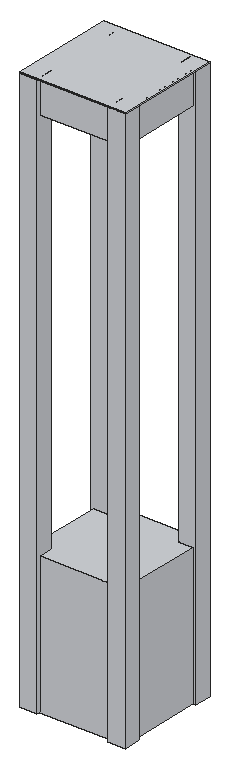
Revit family "MR_ОсветительныйПрибор_Cube", category Осветительные приборы, Revit 2020
Family settings
  Размер круглого соединителя = Использовать диаметр
  Тип детали = Нормальный
  На основе рабочей плоскости = Да
  Всегда вертикально = Да
  При загрузке вырезать с полостями = Нет
  Источник света = Да
  Общий = Да
  Точка расчета площади = Нет
Parameters (values of type "Cube_13w_1000mm_3000k")
  built-in parameter 1150104 = 13.8 (stored number, unit not read)
  built-in parameter 1150134 = (empty or 0)
  Файл фотометрической сетки = "P864423NCWW.ies"
  Tilt Angle = 90.00°
  built-in parameter 1150137 = (empty or 0)
  built-in parameter 1150132 = 2
  built-in parameter 1150114 = 1 (stored number, unit not read)
  Dimming Lamp Color Temperature Shift = (empty or 0)
  built-in parameter 1150105 = 352.07 (stored number, unit not read)
  Color Filter = 16777215
  Lumens = 1555 lm
  Самосветящий материал = Источник света по умолчанию
  built-in parameter 1150109 = 1 (stored number, unit not read)
  built-in parameter 1150112 = 1 (stored number, unit not read)
  built-in parameter 1150110 = 1 (stored number, unit not read)
  built-in parameter 1150113 = 1 (stored number, unit not read)
  built-in parameter 1150115 = 1 (stored number, unit not read)
  built-in parameter 1114218 = 1 (stored number, unit not read)
  built-in parameter 1114217 = 1 (stored number, unit not read)
  Apparent Load = ADSK_Номинальная мощность / ADSK_Коэффициент мощности  # 13.2653 VA
  Default Elevation = 1219.2 mm
  built-in parameter 1150106 = 3.5207 (stored number, unit not read)
  Description = "Cube"  # constant formula
  built-in parameter 1150133 = 10 (stored number, unit not read)
  Wattage = 10.4684 W
  built-in parameter 1150139 = (empty or 0)
  Климатическая зона = "УХЛ1"  # constant formula
  Класс Защиты = "I"  # constant formula
  built-in parameter 1150138 = (empty or 0)
  built-in parameter 1150107 = 3000 (stored number, unit not read)
  built-in parameter 1150102 = (empty or 0)
  Emit from Circle Diameter = 80 mm
  Model = "Cube"  # constant formula
  ВысотаОснования = if(ADSK_Размер_Высота = 1000 mm, 247 mm, if(ADSK_Размер_Высота = 3000 mm, 697 mm, 247 mm))  # 247 mm
  Видимая форма излучения при визуализации = yes
  IP Class = "IP65"  # constant formula
  ADSK_Этаж = ""
  ADSK_Ток = ADSK_Номинальная мощность / (ADSK_Коэффициент мощности * ADSK_Напряжение * sqrt(ADSK_Количество фаз числовое))  # 0.0576752 A
  ADSK_Размер_Высота = 1000 mm
  ADSK_Примечание = ""
  ADSK_Полная мощность = ADSK_Номинальная мощность / ADSK_Коэффициент мощности  # 13.2653 VA
  ADSK_Позиция = ""
  ADSK_Номинальная мощность = 13 W
  ADSK_Напряжение = 230 V
  ADSK_Наименование = "Cube_13w_1000mm_3000k"
  ADSK_Материал = none
  ADSK_Масса = 7.8
  ADSK_Марка = ""
  ADSK_Коэффициент мощности = 0.98
  ADSK_Количество фаз числовое = 1
  ADSK_Количество фаз = 1
  ADSK_Количество = 1  # constant formula
  ADSK_Код изделия = "P864423__WW"
  ADSK_Классификация нагрузок = Освещение
  ADSK_Завод-изготовитель = "MartiniRUS"  # constant formula
  ADSK_Единица измерения = "шт."  # constant formula
  ADSK_Группирование = "Наружное освещение_светильник"
  ADSK_URL страницы изделия = "https://martinirus.ru/products/outdoor/cube"
Types (5, lengths in mm): name | built-in parameter 1150134 | Файл фотометрической сетки | built-in parameter 1150105 | Lumens | Apparent Load | built-in parameter 1150106 | Wattage | built-in parameter 1150107 | ВысотаОснования | ADSK_Ток | ADSK_Размер_Высота | ADSK_Полная мощность | ADSK_Номинальная мощность | ADSK_Наименование | ADSK_Масса | ADSK_Код изделия
  (no name) | (empty or 0) | "P864423NCWW.ies" | 352.07 (stored number, unit not read) | 1555 lm | 13.2653 VA | 3.5207 (stored number, unit not read) | 10.4684 W | 3000 (stored number, unit not read) | 247 | 0.0576752 A | 1000 | 13.2653 VA | 13 W | "Cube_13w_1000mm_3000k" | 7.8 | "P864423__WW"
  Cube_26w_3000mm_3000k | (empty or 0) | "P864424NCWW.ies" | 252.1 (stored number, unit not read) | 3168 lm | 26.5306 VA | 2.521 (stored number, unit not read) | 21.3273 W | 3000 (stored number, unit not read) | 697 | 0.11535 A | 3000 | 26.5306 VA | 26 W | "Cube_26w_3000mm_3000k" | 16.8 | "P864424__WW"
  Cube_26w_3000mm_4000k | 12 | "P864424NCNW.ies" | 261.09 (stored number, unit not read) | 3281 lm | 26.5306 VA | 2.6109 (stored number, unit not read) | 22.088 W | 4000 (stored number, unit not read) | 697 | 0.11535 A | 3000 | 26.5306 VA | 26 W | "Cube_26w_3000mm_4000k" | 16.8 | "P864424__NW"
  Cube_13w_1000mm_4000k | 12 | "P864423NCNW.ies" | 178.65 (stored number, unit not read) | 1609 lm | 13.2653 VA | 1.7865 (stored number, unit not read) | 10.832 W | 4000 (stored number, unit not read) | 247 | 0.0576752 A | 1000 | 13.2653 VA | 13 W | "Cube_13w_1000mm_4000k" | 7.8 | "P864423__NW"
  Cube_13w_1000mm_3000k | (empty or 0) | "P864423NCWW.ies" | 352.07 (stored number, unit not read) | 1555 lm | 13.2653 VA | 3.5207 (stored number, unit not read) | 10.4684 W | 3000 (stored number, unit not read) | 247 | 0.0576752 A | 1000 | 13.2653 VA | 13 W | "Cube_13w_1000mm_3000k" | 7.8 | "P864423__WW"
Reference planes
  plane 1 "По центру (Вперед/Назад)": y = 0
  plane 2: z = 0
  plane 3 "По центру (Влево/Вправо)": x = 0
  plane 4: z = 1000
Forms (mm)
  Extrusion 1, solid, material <- "ADSK_Материал"
    sketch origin (0, 0, 0) x (1, 0, 0) y (0, 1, 0)
      loop
        line (-92.5, 92.5) -> (-92.5, 62.5) -> (-62.5, 62.5) -> (-62.5, 92.5) -> (-92.5, 92.5)
      loop
        line (92.5, 92.5) -> (62.5, 92.5) -> (62.5, 62.5) -> (92.5, 62.5) -> (92.5, 92.5)
      loop
        line (-92.5, -92.5) -> (-62.5, -92.5) -> (-62.5, -62.5) -> (-92.5, -62.5) -> (-92.5, -92.5)
      loop
        line (92.5, -92.5) -> (92.5, -62.5) -> (62.5, -62.5) -> (62.5, -92.5) -> (92.5, -92.5)
    from 0 to 1000
  Extrusion 2, solid, material <- "ADSK_Материал"
    sketch origin (0, 0, 0) x (1, 0, 0) y (0, 1, 0)
      loop
        line (-62.5, 87.5) -> (-62.5, 62.5) -> (-87.5, 62.5) -> (-87.5, -62.5) -> (-62.5, -62.5) -> (-62.5, -87.5) -> (62.5, -87.5) -> (62.5, -62.5) -> (87.5, -62.5) -> (87.5, 62.5) -> (62.5, 62.5) -> (62.5, 87.5) -> (-62.5, 87.5)
    from 0 to 247
  Extrusion 3, solid, material <- "ADSK_Материал"
    sketch origin (-190.206, -1524, 1000) x (-1, 0, 0) y (0, -1, 0)
      loop
        line (-127.706, -1611.5) -> (-127.706, -1586.5) -> (-102.706, -1586.5) -> (-102.706, -1461.5) -> (-127.706, -1461.5) -> (-127.706, -1436.5) -> (-252.706, -1436.5) -> (-252.706, -1461.5) -> (-277.706, -1461.5) -> (-277.706, -1586.5) -> (-252.706, -1586.5) -> (-252.706, -1611.5) -> (-127.706, -1611.5)
    from -57.523 to 0
  Extrusion 4, solid, material <- "ADSK_Материал"
    sketch origin (-190.206, -1524, 1000) x (-1, 0, 0) y (0, -1, 0)
      loop
        line (-97.706, -1616.5) -> (-97.706, -1431.5) -> (-282.706, -1431.5) -> (-282.706, -1616.5) -> (-97.706, -1616.5)
    from 0 to 1.3
Dimensions and locks
  "ADSK_Размер_Высота": plane 4 to level
  "ВысотаОснования": Extrusion 2 to level
  locked: plane 4 to imposter light at 59.488
  aligned and locked: level to plane 2
  aligned and locked: plane 4 to Extrusion 1
Automatic sketch dimensions
  Extrusion 1 sketch curve to plane 3 "По центру (Влево/Вправо)" = 92.5 mm  (x2)
  Extrusion 1 sketch curve to Extrusion 1 sketch curve = 30 mm  (x8)
  plane 3 "По центру (Влево/Вправо)" to Extrusion 1 sketch curve = 62.5 mm  (x2)
  plane 1 "По центру (Вперед/Назад)" to Extrusion 1 sketch curve = 92.5 mm  (x2)
  Extrusion 1 sketch curve to plane 1 "По центру (Вперед/Назад)" = 62.5 mm  (x2)
  Extrusion 2 sketch curve to plane 3 "По центру (Влево/Вправо)" = 87.5 mm
  Extrusion 2 sketch curve to Extrusion 2 sketch curve = 25 mm  (x6)
  plane 3 "По центру (Влево/Вправо)" to Extrusion 2 sketch curve = 62.5 mm  (x2)
  plane 1 "По центру (Вперед/Назад)" to Extrusion 2 sketch curve = 87.5 mm
  Extrusion 2 sketch curve to plane 1 "По центру (Вперед/Назад)" = 62.5 mm  (x2)
  plane 3 "По центру (Влево/Вправо)" to Extrusion 3 sketch curve = 87.5 mm
  Extrusion 3 sketch curve to Extrusion 3 sketch curve = 25 mm  (x6)
  Extrusion 3 sketch curve to plane 3 "По центру (Влево/Вправо)" = 62.5 mm  (x2)
  Extrusion 3 sketch curve to plane 1 "По центру (Вперед/Назад)" = 87.5 mm
  plane 1 "По центру (Вперед/Назад)" to Extrusion 3 sketch curve = 62.5 mm  (x2)
  plane 3 "По центру (Влево/Вправо)" to Extrusion 4 sketch curve = 92.5 mm
  Extrusion 4 sketch curve to plane 3 "По центру (Влево/Вправо)" = 92.5 mm
  Extrusion 4 sketch curve to plane 1 "По центру (Вперед/Назад)" = 92.5 mm
  plane 1 "По центру (Вперед/Назад)" to Extrusion 4 sketch curve = 92.5 mm
Connectors
  electrical at (0, 0, 0), driven by "ADSK_Количество фаз", driven by "ADSK_Классификация нагрузок", driven by "ADSK_Напряжение", driven by "ADSK_Полная мощность", driven by "ADSK_Коэффициент мощности"
    settings: index 1, voltage 230 V, apparent load 0 VA, apparent load phase1 13.2653 VA, apparent load phase2 0 VA, apparent load phase3 0 VA, power factor 0.98, load classification "Освещение", number of poles 1, system type 31, power factor state 1, is connector primary yes, connector utility no, sub classification motor no, connector description ""
